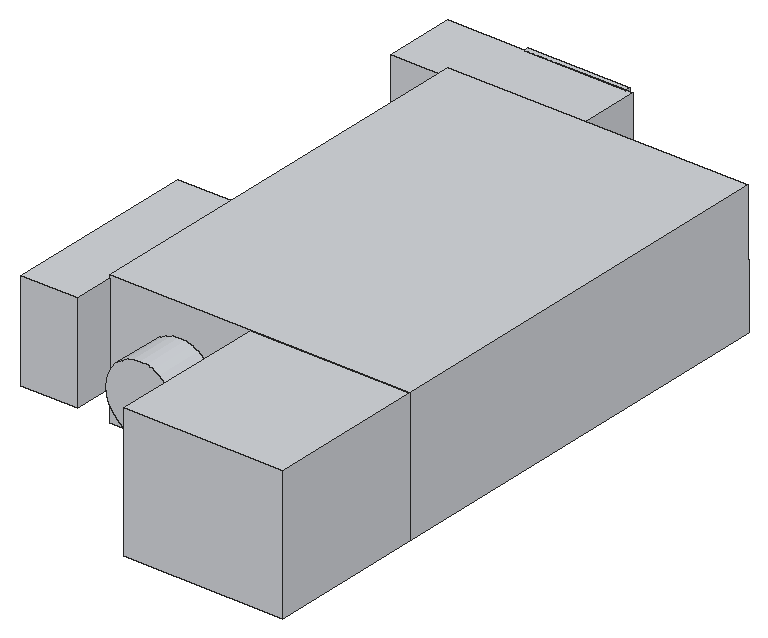
Revit family "QPTE", category Mechanical Equipment, Revit 2018
Family settings
  Round Connector Dimension = Use Radius
  Part Type = Normal
  Work Plane-Based = No
  Always vertical = Yes
  Cut with Voids When Loaded = No
  Shared = No
  Room Calculation Point = No
Parameters (values of type "11708 QPTE 1/6-hp - 08" with S/Elbow")
  Enclosure Depth = 6 1/2"
  EPTH-W = 8"
  Q5Q = 18"
  Q5B = 18"
  Q5 Sound Elbow = yes
  Induction Height "D" = 12"
  Induction = no
  Filter = 1"
  Discharge Height "Y" = 11"
  Discharge Width "X" = 11 1/2"
  Width = 34"
  URL = "http://www.anemostat.com"
  Radius = Diameter / 2  # 3 15/16"
  Model = "QPTW"
  Manufacturer = "Anemostat"
  Length = 30"
  Induction Width "C" = 13"
  Height = 15"
  Duct Inlet Radius = Radius + 1/32"  # 3 31/32"
  Discharge "Z" = 3"
  Diameter = 7 7/8"
  Description = "Series Fan Powered Air Terminal with Hot Water Coil"
Types (53): name | Q5Q | Q5B | Q5 Sound Elbow | Induction Height "D" | Induction | Discharge Height "Y" | Discharge Width "X" | Width | Radius | Length | Induction Width "C" | Height | Duct Inlet Radius | Discharge "Z" | Diameter
  (no name) | 18" | 18" | yes | 12" | no | 11" | 11 1/2" | 34" | 3 15/16" | 30" | 13" | 15" | 3 31/32" | 3" | 7 7/8"
  11706 QPTE 1/6-hp - 06" W/Out S/Elbow | 18" | 18" | no | 12" | yes | 11" | 11 1/2" | 34" | 2 15/16" | 30" | 13" | 15" | 2 31/32" | 3" | 5 7/8"
  25009 QPTE 1/2-hp - 09" W/Out S/Elbow | 18" | 20" | no | 16" | yes | 12" | 14" | 40" | 4 7/16" | 34" | 17" | 18" | 4 15/32" | 3" | 8 7/8"
  25009 QPTE 1/2-hp - 09" with S/Elbow | 18" | 20" | yes | 16" | no | 12" | 14" | 40" | 4 7/16" | 34" | 17" | 18" | 4 15/32" | 3" | 8 7/8"
  25010 QPTE 1/2-hp - 10" W/Out S/Elbow | 18" | 20" | no | 16" | yes | 12" | 14" | 40" | 4 15/16" | 34" | 17" | 18" | 4 31/32" | 3" | 9 7/8"
  25010 QPTE 1/2-hp - 10" with S/Elbow | 18" | 20" | yes | 16" | no | 12" | 14" | 40" | 4 15/16" | 34" | 17" | 18" | 4 31/32" | 3" | 9 7/8"
  25012 QPTE 1/2-hp - 12" W/Out S/Elbow | 18" | 20" | no | 16" | yes | 12" | 14" | 40" | 5 15/16" | 34" | 17" | 18" | 5 31/32" | 3" | 11 7/8"
  25012 QPTE 1/2-hp - 12" with S/Elbow | 18" | 20" | yes | 16" | no | 12" | 14" | 40" | 5 15/16" | 34" | 17" | 18" | 5 31/32" | 3" | 11 7/8"
  31012 QPTE 1-hp - 12" with S/Elbow | 20" | 23" | yes | 18" | no | 16" | 19" | 46" | 5 15/16" | 40" | 21" | 20" | 5 31/32" | 2 1/4" | 11 7/8"
  31012 QPTE 1-hp - 12" W/Out S/Elbow | 20" | 23" | no | 18" | yes | 16" | 19" | 46" | 5 15/16" | 40" | 21" | 20" | 5 31/32" | 2 1/4" | 11 7/8"
  31014 QPTE 1-hp - 14" W/Out S/Elbow | 20" | 23" | no | 18" | yes | 16" | 19" | 46" | 6 15/16" | 40" | 21" | 20" | 6 31/32" | 2 1/4" | 13 7/8"
  31014 QPTE 1-hp - 14" with S/Elbow | 20" | 23" | yes | 18" | no | 16" | 19" | 46" | 6 15/16" | 40" | 21" | 20" | 6 31/32" | 2 1/4" | 13 7/8"
  31016 QPTE 1-hp - 16" W/Out S/Elbow | 20" | 23" | no | 18" | yes | 16" | 19" | 46" | 7 15/16" | 40" | 21" | 20" | 7 31/32" | 2 1/4" | 15 7/8"
  31016 QPTE 1-hp - 16" with S/Elbow | 20" | 23" | yes | 18" | no | 16" | 19" | 46" | 7 15/16" | 40" | 21" | 20" | 7 31/32" | 2 1/4" | 15 7/8"
  37516 QPTE 3/4-hp - 16" W/Out S/Elbow | 20" | 23" | no | 18" | yes | 16" | 19" | 46" | 7 15/16" | 40" | 21" | 20" | 7 31/32" | 2 1/4" | 15 7/8"
  37514 QPTE 3/4-hp - 14" W/Out S/Elbow | 20" | 23" | no | 18" | yes | 16" | 19" | 46" | 6 15/16" | 40" | 21" | 20" | 6 31/32" | 2 1/4" | 13 7/8"
  37512 QPTE 3/4-hp - 12" W/Out S/Elbow | 20" | 23" | no | 18" | yes | 16" | 19" | 46" | 5 15/16" | 40" | 21" | 20" | 5 31/32" | 2 1/4" | 11 7/8"
  35012 QPTE 1/2-hp - 12" W/Out S/Elbow | 20" | 23" | no | 18" | yes | 16" | 19" | 46" | 5 15/16" | 40" | 21" | 20" | 5 31/32" | 2 1/4" | 11 7/8"
  35012 QPTE 1/2-hp - 12" with S/Elbow | 20" | 23" | yes | 18" | no | 16" | 19" | 46" | 5 15/16" | 40" | 21" | 20" | 5 31/32" | 2 1/4" | 11 7/8"
  35014 QPTE 1/2-hp - 14" with S/Elbow | 20" | 23" | yes | 18" | no | 16" | 19" | 46" | 6 15/16" | 40" | 21" | 20" | 6 31/32" | 2 1/4" | 13 7/8"
  35014 QPTE 1/2-hp - 14" W/Out S/Elbow | 20" | 23" | no | 18" | yes | 16" | 19" | 46" | 6 15/16" | 40" | 21" | 20" | 6 31/32" | 2 1/4" | 13 7/8"
  35016 QPTE 1/2-hp - 16" W/Out S/Elbow | 20" | 23" | no | 18" | yes | 16" | 19" | 46" | 7 15/16" | 40" | 21" | 20" | 7 31/32" | 2 1/4" | 15 7/8"
  35016 QPTE 1/2-hp - 16" with S/Elbow | 20" | 23" | yes | 18" | no | 16" | 19" | 46" | 7 15/16" | 40" | 21" | 20" | 7 31/32" | 2 1/4" | 15 7/8"
  37512 QPTE 3/4-hp - 12" with S/Elbow | 20" | 23" | yes | 18" | no | 16" | 19" | 46" | 5 15/16" | 40" | 21" | 20" | 5 31/32" | 2 1/4" | 11 7/8"
  37514 QPTE 3/4-hp - 14" with S/Elbow | 20" | 23" | yes | 18" | no | 16" | 19" | 46" | 6 15/16" | 40" | 21" | 20" | 6 31/32" | 2 1/4" | 13 7/8"
  37516 QPTE 3/4-hp - 16" with S/Elbow | 20" | 23" | yes | 18" | no | 16" | 19" | 46" | 7 15/16" | 40" | 21" | 20" | 7 31/32" | 2 1/4" | 15 7/8"
  22509 QPTE 1/4-hp - 09" W/Out S/Elbow | 18" | 20" | no | 16" | yes | 12" | 14" | 40" | 4 7/16" | 34" | 17" | 18" | 4 15/32" | 3" | 8 7/8"
  22510 QPTE 1/4-hp - 10" W/Out S/Elbow | 18" | 20" | no | 16" | yes | 12" | 14" | 40" | 4 15/16" | 34" | 17" | 18" | 4 31/32" | 3" | 9 7/8"
  22512 QPTE 1/4-hp - 12" W/Out S/Elbow | 18" | 20" | no | 16" | yes | 12" | 14" | 40" | 5 15/16" | 34" | 17" | 18" | 5 31/32" | 3" | 11 7/8"
  22512 QPTE 1/4-hp - 12" with S/Elbow | 18" | 20" | yes | 16" | no | 12" | 14" | 40" | 5 15/16" | 34" | 17" | 18" | 5 31/32" | 3" | 11 7/8"
  22509 QPTE 1/4-hp - 09" with S/Elbow | 18" | 20" | yes | 16" | no | 12" | 14" | 40" | 4 7/16" | 34" | 17" | 18" | 4 15/32" | 3" | 8 7/8"
  22510 QPTE 1/4-hp - 10" with S/Elbow | 18" | 20" | yes | 16" | no | 12" | 14" | 40" | 4 15/16" | 34" | 17" | 18" | 4 31/32" | 3" | 9 7/8"
  21709 QPTE 1/6-hp - 09" W/Out S/Elbow | 18" | 20" | no | 16" | yes | 12" | 14" | 40" | 4 7/16" | 34" | 17" | 18" | 4 15/32" | 3" | 8 7/8"
  21709 QPTE 1/6-hp - 09" with S/Elbow | 18" | 20" | yes | 16" | no | 12" | 14" | 40" | 4 7/16" | 34" | 17" | 18" | 4 15/32" | 3" | 8 7/8"
  21710 QPTE 1/6-hp - 10" W/Out S/Elbow | 18" | 20" | no | 16" | yes | 12" | 14" | 40" | 4 15/16" | 34" | 17" | 18" | 4 31/32" | 3" | 9 7/8"
  21710 QPTE 1/6-hp - 10" with S/Elbow | 18" | 20" | yes | 16" | no | 12" | 14" | 40" | 4 15/16" | 34" | 17" | 18" | 4 31/32" | 3" | 9 7/8"
  21712 QPTE 1/6-hp - 12" W/Out S/Elbow | 18" | 20" | no | 16" | yes | 12" | 14" | 40" | 5 15/16" | 34" | 17" | 18" | 5 31/32" | 3" | 11 7/8"
  21712 QPTE 1/6-hp - 12" with S/Elbow | 18" | 20" | yes | 16" | no | 12" | 14" | 40" | 5 15/16" | 34" | 17" | 18" | 5 31/32" | 3" | 11 7/8"
  11706 QPTE 1/6-hp - 06" with S/Elbow | 18" | 18" | yes | 12" | no | 11" | 11 1/2" | 34" | 2 15/16" | 30" | 13" | 15" | 2 31/32" | 3" | 5 7/8"
  11707 QPTE 1/6-hp - 07" W/Out S/Elbow | 18" | 18" | no | 12" | yes | 11" | 11 1/2" | 34" | 3 7/16" | 30" | 13" | 15" | 3 15/32" | 3" | 6 7/8"
  11708 QPTE 1/6-hp - 08" W/Out S/Elbow | 18" | 18" | no | 12" | yes | 11" | 11 1/2" | 34" | 3 15/16" | 30" | 13" | 15" | 3 31/32" | 3" | 7 7/8"
  11709 QPTE 1/6-hp - 09" W/Out S/Elbow | 18" | 18" | no | 12" | yes | 11" | 11 1/2" | 34" | 4 7/16" | 30" | 13" | 15" | 4 15/32" | 3" | 8 7/8"
  11709 QPTE 1/6-hp - 09" with S/Elbow | 18" | 18" | yes | 12" | no | 11" | 11 1/2" | 34" | 4 7/16" | 30" | 13" | 15" | 4 15/32" | 3" | 8 7/8"
  11708 QPTE 1/6-hp - 08" with S/Elbow | 18" | 18" | yes | 12" | no | 11" | 11 1/2" | 34" | 3 15/16" | 30" | 13" | 15" | 3 31/32" | 3" | 7 7/8"
  11707 QPTE 1/6-hp - 07" with S/Elbow | 18" | 18" | yes | 12" | no | 11" | 11 1/2" | 34" | 3 7/16" | 30" | 13" | 15" | 3 15/32" | 3" | 6 7/8"
  12506 QPTE 1/4-hp - 06" W/Out S/Elbow | 18" | 18" | no | 12" | yes | 11" | 11 1/2" | 34" | 2 15/16" | 30" | 13" | 15" | 2 31/32" | 3" | 5 7/8"
  12507 QPTE 1/4-hp - 07" W/Out S/Elbow | 18" | 18" | no | 12" | yes | 11" | 11 1/2" | 34" | 3 7/16" | 30" | 13" | 15" | 3 15/32" | 3" | 6 7/8"
  12508 QPTE 1/4-hp - 08" W/Out S/Elbow | 18" | 18" | no | 12" | yes | 11" | 11 1/2" | 34" | 3 15/16" | 30" | 13" | 15" | 3 31/32" | 3" | 7 7/8"
  12509 QPTE 1/4-hp - 09" W/Out S/Elbow | 18" | 18" | no | 12" | yes | 11" | 11 1/2" | 34" | 4 7/16" | 30" | 13" | 15" | 4 15/32" | 3" | 8 7/8"
  12506 QPTE 1/4-hp - 06" with S/Elbow | 18" | 18" | yes | 12" | no | 11" | 11 1/2" | 34" | 2 15/16" | 30" | 13" | 15" | 2 31/32" | 3" | 5 7/8"
  12507 QPTE 1/4-hp - 07" with S/Elbow | 18" | 18" | yes | 12" | no | 11" | 11 1/2" | 34" | 3 7/16" | 30" | 13" | 15" | 3 15/32" | 3" | 6 7/8"
  12508 QPTE 1/4-hp - 08" with S/Elbow | 18" | 18" | no | 12" | yes | 11" | 11 1/2" | 34" | 3 15/16" | 30" | 13" | 15" | 3 31/32" | 3" | 7 7/8"
  12509 QPTE 1/4-hp - 09" with S/Elbow | 18" | 18" | no | 12" | yes | 11" | 11 1/2" | 34" | 4 7/16" | 30" | 13" | 15" | 4 15/32" | 3" | 8 7/8"
Reference planes (in)
  plane 1 "Center (Front/Back)": y = 0
  plane 2: z = 0
  plane 3 "Center (Left/Right)": x = 0
  plane 4 "Right Face": x = 17
  plane 5 "Left Face": x = -17
  plane 6 "Horiz. Centerline": z = 7.5
  plane 7 "Top of Box": z = 15
  plane 8 "Inlet Left Edge": x = -13
  plane 9: y = -5.5
  plane 10: x = -9.0625
  plane 11: z = 3.5
  plane 12: z = 14.625
  plane 13 "Enclosure front": y = -4.5
  plane 14 "Enclosure Back": y = 17.75
  plane 15: z = 3.4375
  plane 16 "Induction C": x = 4
  plane 17 "Induction D": z = 3
  plane 18: y = -13.5
  plane 19: y = -11.89062
  plane 20: z = 13.42188
  plane 21: y = -10.125
  plane 22: z = 0.9375
  plane 23: x = -14
  plane 24: z = 1.25
  plane 25 "Back of Box": y = 48
  plane 26: z = 12.25
  plane 27 "Discharge X": x = -2.5
  plane 28 "Q5 Sound Elbow": y = -18
  plane 29 "Filter": y = -1
  plane 30 "Q5 Elbow B": x = -1
  plane 31 "EPTH PLANE": y = 56
  plane 32 "Discharge Y": z = 14
  plane 33 "Enclosure Plane": x = -23.5
  plane 34: x = -23.5
  plane 35 "Flange": y = 56.5
  plane 36: x = -3.25
  plane 37: z = 3.01562
Forms (in)
  Extrusion 1, solid
    sketch origin (0, 0, 0) x (1, 0, 0) y (0, 0, 1)
      loop
        line (-17, 15) -> (-17, 0) -> (17, 0) -> (17, 15) -> (-17, 15)
    from 0 to -48
  Extrusion 2, solid
    sketch origin (0, 0, 0) x (1, 0, 0) y (0, 0, 1)
      loop
        circle (-9.0625, 7.5) r 3.9375
    from 0 to 5.5
  Extrusion 3, solid, visible <- "Induction"
    sketch origin (0, -1, 0) x (-1, 0, 0) y (0, 0, 1)
      loop
        line (-17, 15) -> (-17, 3) -> (-4, 3) -> (-4, 15) -> (-17, 15)
    from 0 to 1 <- "Filter"
  Extrusion 4, solid, visible <- "Q5 Sound Elbow"
    sketch origin (0, -18, 0) x (-1, 0, 0) y (0, 0, 1)
      loop
        line (1, 15) -> (-17, 15) -> (-17, 0) -> (1, 0) -> (1, 15)
    from 0 to 18 <- "Q5Q"
  Extrusion 5, solid
    sketch origin (0, 56, 0) x (1, 0, 0) y (0, 0, 1)
      loop
        line (-2.5, 14) -> (-23.5, 14) -> (-23.5, 3) -> (-2.5, 3) -> (-2.5, 14)
    from 0 to 8 <- "EPTH-W"
  Extrusion 6, solid
    sketch origin (-23.5, 0, 0) x (0, 1, 0) y (0, 0, 1)
      loop
        line (17.75, 14.625) -> (-4.5, 14.625) -> (-4.5, 3.5) -> (17.75, 3.5) -> (17.75, 14.625)
    from 0 to 6.5 <- "Enclosure Depth"
  Extrusion 7, solid
    sketch origin (0, 56.5, 0) x (1, 0, 0) y (0, 0, 1)
      loop
        line (-3.25, 3.01562) -> (-3.25, 14.01562) -> (-14.75, 14.01562) -> (-14.75, 3.01562) -> (-3.25, 3.01562)
    from 0 to 0.5
Dimensions and locks (in)
  "Width": plane 5 "Left Face" to plane 4 "Right Face"
  "Height": plane 7 "Top of Box" to level
  equal spacing: plane 7 "Top of Box", plane 6 "Horiz. Centerline", level
  equal spacing: plane 5 "Left Face", plane 3 "Center (Left/Right)", plane 4 "Right Face"
  locked: plane 5 "Left Face" to plane 8 "Inlet Left Edge" at 4
  "Radius": plane 10 to plane 8 "Inlet Left Edge"
  locked: plane 11 to plane 2 at 3.5
  locked: plane 12 to plane 11 at 11.125
  locked: plane 1 "Center (Front/Back)" to plane 13 "Enclosure front" at 4.5
  locked: plane 14 "Enclosure Back" to plane 13 "Enclosure front" at 22.25
  "Induction Width "C"": plane 4 "Right Face" to plane 16 "Induction C"
  "Induction Height "D"": plane 7 "Top of Box" to plane 17 "Induction D"
  locked: plane 18 to plane 1 "Center (Front/Back)" at 13.5
  locked: plane 18 to plane 19 at 1.60938
  locked: plane 7 "Top of Box" to plane 20 at 1.57813
  locked: plane 18 to plane 21 at 3.375
  locked: plane 22 to level at 0.9375
  "Discharge "Z"": plane 23 to plane 5 "Left Face"
  plane 22 to plane 15 = 2 1/2"
  locked: level to plane 24 at 1.25
  "Discharge Height "Y"": plane 24 to plane 26
  "Discharge Width "X"": plane 27 "Discharge X" to plane 23
  "Radius": connector elem to plane 8 "Inlet Left Edge"
  "Q5Q": plane 28 "Q5 Sound Elbow" to plane 1 "Center (Front/Back)"
  "Q5B": plane 4 "Right Face" to plane 30 "Q5 Elbow B"
  "Discharge Height "Y"": plane 17 "Induction D" to plane 32 "Discharge Y"
  locked: plane 25 "Back of Box" to plane 31 "EPTH PLANE" at 8
  locked: plane 29 "Filter" to plane 1 "Center (Front/Back)" at 1
  "Enclosure Depth": plane 33 "Enclosure Plane" to plane 5 "Left Face"
  "Enclosure Depth": plane 34 to plane 5 "Left Face"
  locked: plane 31 "EPTH PLANE" to plane 35 "Flange" at 0.5
  locked: plane 27 "Discharge X" to plane 36 at 0.75
  locked: plane 17 "Induction D" to plane 37 at 0.01562
  "Discharge Width "X"": Extrusion 7 sketch curve to Extrusion 7 sketch curve
  "Discharge Height "Y"": Extrusion 7 sketch curve to Extrusion 7 sketch curve
  "Radius": radius of Extrusion 2 sketch curve
  aligned and locked: plane 25 "Back of Box" to Extrusion 1
  aligned and locked: plane 16 "Induction C" to Extrusion 3 sketch curve
  aligned and locked: Extrusion 3 sketch curve to plane 17 "Induction D"
  aligned and locked: Extrusion 3 sketch curve to plane 4 "Right Face"
  aligned and locked: plane 7 "Top of Box" to Extrusion 3 sketch curve
  aligned and locked: plane 4 "Right Face" to Extrusion 4 sketch curve
  aligned and locked: Extrusion 4 sketch curve to plane 7 "Top of Box"
  aligned and locked: Extrusion 4 sketch curve to plane 30 "Q5 Elbow B"
  aligned and locked: level to Extrusion 4 sketch curve
  aligned and locked: plane 17 "Induction D" to Extrusion 5 sketch curve
  aligned and locked: plane 27 "Discharge X" to Extrusion 5 sketch curve
  aligned and locked: plane 32 "Discharge Y" to Extrusion 5 sketch curve
  aligned and locked: Extrusion 6 sketch curve to plane 12
  aligned and locked: plane 14 "Enclosure Back" to Extrusion 6 sketch curve
  aligned and locked: plane 11 to Extrusion 6 sketch curve
  aligned and locked: Extrusion 6 sketch curve to plane 13 "Enclosure front"
  aligned and locked: Extrusion 5 to plane 34
  aligned and locked: Extrusion 7 sketch curve to plane 36
  aligned and locked: Extrusion 7 sketch curve to plane 37
Automatic sketch dimensions
  Extrusion 1 sketch curve to level = 0"
  plane 5 "Left Face" to Extrusion 1 sketch curve = 0"
  Extrusion 1 sketch curve to plane 4 "Right Face" = 0"
  plane 7 "Top of Box" to Extrusion 1 sketch curve = 0"
  Extrusion 2 sketch curve to plane 6 "Horiz. Centerline" = 0"
  Extrusion 2 sketch curve to plane 10 = 0"
  plane 5 "Left Face" to Extrusion 5 sketch curve = 6 1/2"
Connectors (in)
  hvac at (-9.0625, -5.5, 7.5), driven by "Radius"
    settings: on Extrusion 2, index 1, duct flow 0 CFM, flow factor 0, pres drop 0.00 in-wg, loss coef 0, conn angle 0.00°, conn width 12", conn height 12", conn diameter 7 7/8", duct sys type 1, conn prof type 0, flow config 0, flow direction 0, loss method 0, conn ref index -1, conn util no, is conn primary yes, conn desc ""
  hvac at (-9, 56.5, 8.51562), driven by "Discharge Height "Y"", driven by "Discharge Width "X""
    settings: on Extrusion 7, index 2, duct flow 0 CFM, flow factor 0, pres drop 0.00 in-wg, loss coef 0, conn angle 0.00°, conn width 11 1/2", conn height 11", conn diameter 24", duct sys type 3, conn prof type 1, flow config 0, flow direction 0, loss method 0, conn ref index -1, conn util no, is conn primary no, conn desc ""
  electrical at (-23.5, 6.625, 9.0625)
    settings: on Extrusion 6, index 3, voltage 0 V, apparent load 0 VA, apparent load phase1 0 VA, apparent load phase2 0 VA, apparent load phase3 0 VA, power factor 1, load classification "Other", number of poles 1, system type 31, power factor state 1, is connector primary yes, connector utility no, sub classification motor no, connector description ""
  electrical at (-23.5, 52, 8.5)
    settings: on Extrusion 5, index 4, voltage 0 V, apparent load 0 VA, apparent load phase1 0 VA, apparent load phase2 0 VA, apparent load phase3 0 VA, power factor 1, load classification "Other", number of poles 1, system type 31, power factor state 1, is connector primary no, connector utility no, sub classification motor no, connector description ""
